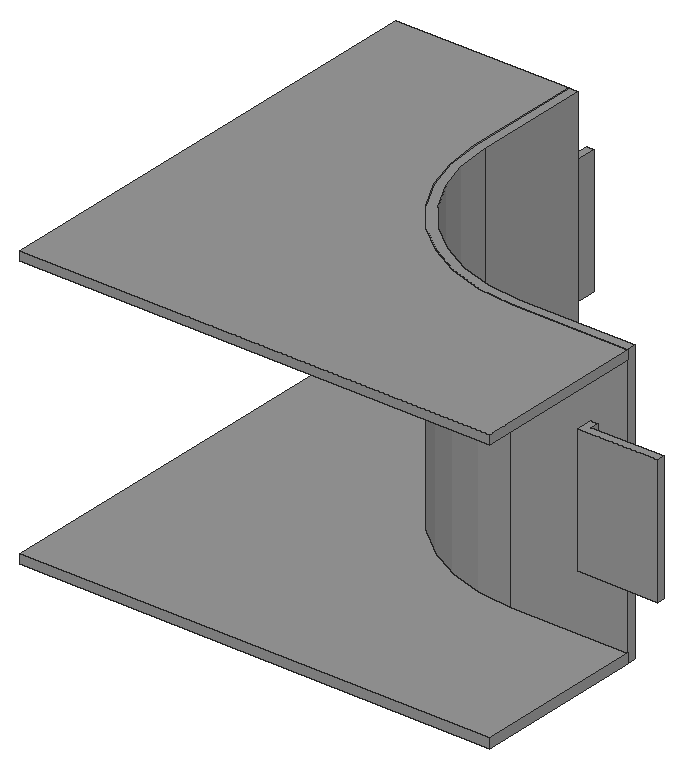
Revit family "Inneneckhaube WDK HI40060RW", category Generic Models, Revit 2017
Family settings
  Can host rebar = No
  Round Connector Dimension = Use Diameter
  Part Type = Normal
  Work Plane-Based = No
  Always vertical = Yes
  Cut with Voids When Loaded = No
  Shared = No
  Room Calculation Point = No
Parameters (values of type "WDK HI40060RW")
  URL = "http://www.obo-bettermann.com"
  Material = Polyvinylchlorid
  Manufacturer Art.No. = "6191959"
  Manufacturer = "OBO BETTERMANN"
  GTIN = "4012196794959"
  Article Type = "WDK HI40060RW"
Reference planes
  plane 1 "Center (Front/Back)": y = 0
  plane 2: z = 0
  plane 3 "Center (Left/Right)": x = 0
  plane 4: y = 110
  plane 5: x = 110
  plane 6: x = 42.7
  plane 7: y = 42.7
  plane 8: through (0, 0, 1200) normal (-0.7071, 0.7071, 0)
  plane 9: z = 65.9
  plane 10: z = 63.7
  plane 11: z = 32.95
  plane 12: y = 110
  plane 13: x = 110
  plane 14: x = 42.7
  plane 15: y = 42.7
  plane 16: through (0, 0, -1265.9) normal (0.7071, -0.7071, 0)
  plane 17: x = 101.3
  plane 18: y = 38.5
  plane 19: x = 120
  plane 20: x = 99.6
  plane 21: z = 47.95
  plane 22: z = 17.95
  plane 23: through (0, 0, 1200) normal (-0.7071, 0.7071, 0)
  plane 24: y = 101.3
  plane 25: x = 38.5
  plane 26: y = 120
  plane 27: y = 99.6
Forms (mm)
  Extrusion 1, solid, material "Polyvinylchlorid" <- "Material"
    sketch origin (0, 0, 0) x (1, 0, 0) y (0, 1, 0)
      loop
        line (0, 110) -> (0, 0) -> (110, 0) -> (110, 40.5) -> (94.473, 40.5) -> (82.7, 40.5)
        arc (82.7, 40.5) -> (52.86, 52.86) -> (40.5, 82.7) r 42.2
        line (40.5, 82.7) -> (40.5, 110) -> (0, 110)
    from 63.7 to 65.9
  Extrusion 2, solid, material "Polyvinylchlorid" <- "Material"
    sketch origin (0, 0, -65.9) x (0, -1, 0) y (1, 0, 0)
      loop
        line (-110, 0) -> (0, 0) -> (0, 110) -> (-40.5, 110) -> (-40.5, 82.7)
        arc (-40.5, 82.7) -> (-52.86, 52.86) -> (-82.7, 40.5) r 42.2
        line (-82.7, 40.5) -> (-110, 40.5) -> (-110, 0)
    from 68.1 to 65.9
  Extrusion 3, solid, material "Polyvinylchlorid" <- "Material"
    sketch origin (0, 0, 0) x (1, 0, 0) y (0, 1, 0)
      loop
        line (40.5, 110) -> (40.5, 82.7)
        arc (40.5, 82.7) -> (52.86, 52.86) -> (82.7, 40.5) r 42.2
        line (82.7, 40.5) -> (110, 40.5) -> (110, 42.7) -> (82.7, 42.7)
        arc (82.7, 42.7) -> (54.416, 54.416) -> (42.7, 82.7) r 40
        line (42.7, 82.7) -> (42.7, 110) -> (40.5, 110)
    from 0 to 65.9
  Extrusion 4, solid, material "Polyvinylchlorid" <- "Material"
    sketch origin (0, 0, 0) x (1, 0, 0) y (0, 1, 0)
      loop
        line (103, 38.5) -> (103, 40.5) -> (101.3, 40.5) -> (101.3, 36.811) -> (120, 36.811) -> (120, 38.5) -> (103, 38.5)
    from 17.95 to 47.95
  Extrusion 5, solid, material "Polyvinylchlorid" <- "Material"
    sketch origin (0, 0, 0) x (0, 1, 0) y (-1, 0, 0)
      loop
        line (103, -38.5) -> (120, -38.5) -> (120, -36.811) -> (101.3, -36.811) -> (101.3, -40.5) -> (103, -40.5) -> (103, -38.5)
    from 17.95 to 47.95
Dimensions and locks
  locked: Extrusion 1 sketch curve to Extrusion 1 sketch curve at 110  (x2)
  locked: Extrusion 1 sketch curve to Extrusion 1 sketch curve at 40.5  (x2)
  locked: plane 9 to level at 65.9
  locked: Extrusion 1 to Extrusion 1 at 2.2
  locked: plane 11 to level at 32.95
  locked: Extrusion 2 sketch curve to Extrusion 2 sketch curve at 110  (x2)
  locked: Extrusion 2 to Extrusion 2 at 2.2
  locked: Extrusion 1 to Extrusion 1 at 40.5  (x2)
  locked: Extrusion 1 to Extrusion 3 sketch curve at 2.2
  locked: Extrusion 3 sketch curve to Extrusion 1 at 2.2
  locked: Extrusion 3 sketch curve to Extrusion 1 at 110
  locked: Extrusion 1 to Extrusion 3 sketch curve at 110
  locked: plane 17 to Extrusion 1 at 8.7
  locked: plane 20 to plane 17 at 1.7
  locked: Extrusion 1 to plane 19 at 10
  locked: plane 20 to plane 19 at 20.4
  locked: Extrusion 4 sketch curve to Extrusion 3 at 3.689
  locked: Extrusion 4 sketch curve to Extrusion 4 sketch curve at 1.689
  locked: Extrusion 4 sketch curve to Extrusion 4 sketch curve at 1.7
  locked: plane 21 to plane 11 at 15
  locked: plane 11 to plane 22 at 15
  locked: plane 27 to plane 24 at 1.7
  locked: plane 27 to plane 26 at 20.4
  locked: Extrusion 5 sketch curve to Extrusion 5 sketch curve at 1.689
  locked: Extrusion 5 sketch curve to Extrusion 5 sketch curve at 1.7
  aligned and locked: level to plane 2
  aligned and locked: plane 1 "Center (Front/Back)" to Extrusion 1
  aligned and locked: Extrusion 1 to plane 3 "Center (Left/Right)"
  aligned and locked: plane 9 to Extrusion 1
  aligned and locked: Extrusion 1 to plane 10
  aligned and locked: Extrusion 2 to level
  aligned and locked: plane 1 "Center (Front/Back)" to Extrusion 2
  aligned and locked: Extrusion 3 to Extrusion 1  (x2)
  aligned and locked: Extrusion 1 to Extrusion 3
  aligned and locked: Extrusion 3 to level
  aligned and locked: Extrusion 1 to Extrusion 4
  aligned and locked: plane 21 to Extrusion 4
  aligned and locked: Extrusion 4 to plane 22
Automatic sketch dimensions
  plane 1 "Center (Front/Back)" to Extrusion 1 sketch curve = 0 mm
  Extrusion 1 sketch curve to plane 3 "Center (Left/Right)" = 0 mm
  Extrusion 1 sketch curve to Extrusion 1 sketch curve = 27.3 mm
  Extrusion 1 sketch curve to Extrusion 1 sketch curve = 11.773 mm
  Extrusion 2 sketch curve to plane 12 = 0 mm
  plane 16 to Extrusion 2 sketch curve = 0 mm
  Extrusion 2 sketch curve to plane 13 = 0 mm
  Extrusion 2 sketch curve to plane 14 = 2.2 mm
  Extrusion 2 sketch curve to Extrusion 2 sketch curve = 27.3 mm
  Extrusion 3 sketch curve to Extrusion 3 sketch curve = 0 mm  (x2)
  Extrusion 3 sketch curve to Extrusion 3 sketch curve = 2.2 mm
  Extrusion 3 sketch curve to Extrusion 3 sketch curve = 40 mm
  Extrusion 4 sketch curve to plane 17 = 0 mm
  Extrusion 4 sketch curve to plane 19 = 0 mm
  plane 18 to Extrusion 4 sketch curve = 2 mm
  Extrusion 5 sketch curve to plane 24 = 0 mm
  Extrusion 5 sketch curve to plane 25 = 0 mm
  Extrusion 5 sketch curve to plane 26 = 0 mm
  Extrusion 5 sketch curve to plane 25 = 2 mm
